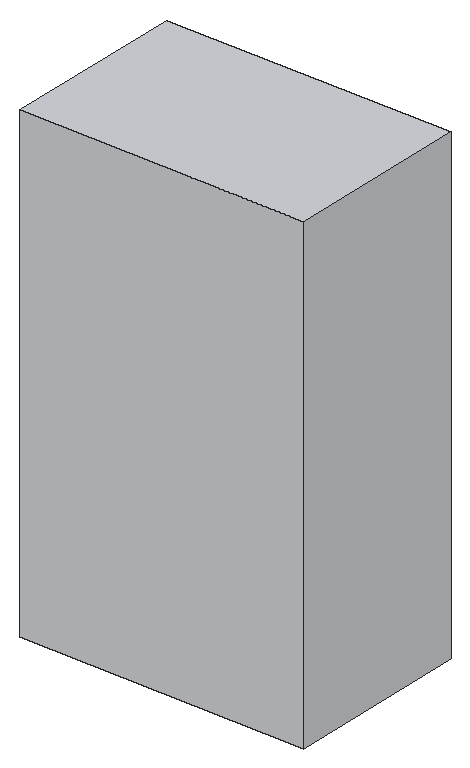
Revit family
Parameters
  Warranty Duration (Years) = 0
  Unit Width [instance] = 1' - 8 177/256"
  Unit Height [instance] = 0' - 9 99/256"
  Unit Depth = 0' - 0"
  URL = "http://www.americanspecialties.com/viewCategories.cfm"
  Test Data = ""
  Specification = "http://www.arcat.com/sdspecs/htm/10810asi.htm"
  SpecWizard = ""
  Send Message = "http://www.arcat.com/users.pl?action=UserEmail&company=American%20Specialties,%20Inc.&coid=30448&rep=139&fax=914-476-0688&mf="
  Sales Information = "http://www.americanspecialties.com/contact"
  Revision = "R1_10-2010"
  Product Properties = "http://www.americanspecialties.com/datasheets/74022-H.pdf"
  Product Data = "http://www.arcat.com/arcatcos/cos30/arc30448.html"
  Trim Material = Metal - Stainless Steel
  Model = "As Specified in 10 28 13"
  Manufacturer Website = "http://www.americanspecialties.com/viewCategories.cfm"
  Manufacturer Phone - Toll Free = ""
  Manufacturer Phone = "914-476-9000 "
  Manufacturer Fax = "914-476-0688"
  Manufacturer Address = "441 Saw Mill River Rd., Yonkers, NY 10701"
  Manufacturer = "American Specialties, Inc."
  Maintenance Schedule (Months) = 0
  Keynote = "10 28 13"
  Installation-Fabrication = "http://www.americanspecialties.com/products.cfm"
  Body Material = Metal - Stainless Steel
  Green Building-LEED = ""
  Expected Lifespan (Years) = 0
  Drawn By = "Robert S. Weygant. CSI, CDT, SCIP"  # constant formula
  Description = "Toilet Accessory as Specified in 10 28 13"
  Default Elevation = 4' - 0"
  Copyright = "©Arcat Inc."
  Construction Details = "http://www.arcat.com/green/clients/leed_data_30448.html"
  Building Codes = "http://www.americanspecialties.com/products.cfm"
  Assembly Code = "C1030210"
Reference planes (in)
  plane 1 "Center (Front/Back)": y = -0.22862
  plane 2 "Floor Line": z = 0
  plane 3: x = -6.97093
  plane 4: y = -6.54112
  plane 5: x = -0.65843
Forms (in)
  Extrusion 1, solid
    sketch origin (-3, -9, -6) x (0, 0, -1) y (1, 0, 0)
      loop
        line (-82, 26.34157) -> (-82, -19.34712) -> (-6, -19.34712) -> (-6, 26.34157) -> (-82, 26.34157)
    from 9 to -20.52341
  Extrusion 2, solid, material "Metal - Stainless Steel" <- "Body Material"
    sketch origin (0, 0, -2) x (1, 0, 0) y (0, 1, 0)
      loop
        line (-6.97093, -0.42371) -> (-6.97093, -6.34603)
        arc (-6.97093, -6.34603) -> (-6.91379, -6.48398) -> (-6.77584, -6.54112) r 0.19509
        line (-6.77584, -6.54112) -> (-0.85352, -6.54112)
        arc (-0.85352, -6.54112) -> (-0.71557, -6.48398) -> (-0.65843, -6.34603) r 0.19509
        line (-0.65843, -6.34603) -> (-0.65843, -0.42371)
        arc (-0.65843, -0.42371) -> (-0.71557, -0.28576) -> (-0.85352, -0.22862) r 0.19509
        line (-0.85352, -0.22862) -> (-6.77584, -0.22862)
        arc (-6.77584, -0.22862) -> (-6.91379, -0.28576) -> (-6.97093, -0.42371) r 0.19509
      loop
        arc (-6.04659, -0.97862) -> (-6.16987, -1.02968) -> (-6.22093, -1.15297) r 0.17435
        line (-6.22093, -1.15297) -> (-6.22093, -5.61677)
        arc (-6.22093, -5.61677) -> (-6.16987, -5.74005) -> (-6.04659, -5.79112) r 0.17435
        line (-6.04659, -5.79112) -> (-1.58278, -5.79112)
        arc (-1.58278, -5.79112) -> (-1.4595, -5.74005) -> (-1.40843, -5.61677) r 0.17435
        line (-1.40843, -5.61677) -> (-1.40843, -1.15297)
        arc (-1.40843, -1.15297) -> (-1.4595, -1.02968) -> (-1.58278, -0.97862) r 0.17435
        line (-1.58278, -0.97862) -> (-6.04659, -0.97862)
    from 2 to 2.125
  Extrusion 3, solid, material "Metal - Stainless Steel" <- "Body Material"
    sketch origin (-0.65843, -1.71875, -2) x (0, 1, 0) y (0, 0, 1)
      loop
        line (-1.16612, 3.9375) -> (-2.16612, 3.9375) -> (-2.16612, 2.125) -> (-1.16612, 2.125) -> (-1.16612, 3.9375)
    from -0.75 to -0.13825
  Extrusion 4, solid, material "Metal - Stainless Steel" <- "Body Material"
    sketch origin (-6.97093, -1.71875, -2) x (0, 1, 0) y (0, 0, -1)
      loop
        line (-1.16612, -3.9375) -> (-1.16612, -2.125) -> (-2.16612, -2.125) -> (-2.16612, -3.9375) -> (-1.16612, -3.9375)
    from -0.75 to -0.13825
  Extrusion 5, solid, material "Metal - Stainless Steel" <- "Body Material"
    sketch origin (-0.65843, -1.71875, -1.97999) x (0, 1, 0) y (0, 0, 1)
      loop
        circle (-1.6726, 3.22999) r 0.33333
    from -4 to -0.75
  Extrusion 6, solid, material "Metal - Stainless Steel" <- "Body Material"
    sketch origin (-0.65843, 0, 0) x (0, 1, 0) y (0, 0, 1)
      loop
        arc (-5.79112, 0) -> (-3.38487, -1.87683) -> (-0.97862, 0) r 2.48092
        line (-0.97862, 0) -> (-1.01085, 0)
        arc (-1.01085, 0) -> (-3.38487, -1.84558) -> (-5.75888, 0) r 2.44967
        line (-5.75888, 0) -> (-5.79112, 0)
    from -5.5625 to -0.75
  Extrusion 7, solid, material "Metal - Stainless Steel" <- "Body Material"
    sketch origin (-1.43968, 0, 0) x (0, 1, 0) y (0, 0, 1)
      loop
        arc (-5.79112, 0) -> (-3.38487, -1.87683) -> (-0.97862, 0) r 2.48092
        line (-0.97862, 0) -> (-5.79112, 0)
    from 0 to 0.03125
  Extrusion 8, solid, material "Metal - Stainless Steel" <- "Body Material"
    sketch origin (-6.22093, 0, 0) x (0, 1, 0) y (0, 0, 1)
      loop
        arc (-5.79112, 0) -> (-3.38487, -1.87683) -> (-0.97862, 0) r 2.48092
        line (-0.97862, 0) -> (-5.79112, 0)
    from 0 to 0.03125
  Extrusion 9, void
    sketch origin (0, 0, 0) x (1, 0, 0) y (0, 1, 0)
      loop
        line (-6.22093, -0.97862) -> (-6.22093, -5.79112) -> (-1.40843, -5.79112) -> (-1.40843, -0.97862) -> (-6.22093, -0.97862)
    from -2.1875 to 0
  Extrusion 10, solid, material "Metal - Stainless Steel" <- "Body Material"
    sketch origin (-0.65843, 0, 0) x (0, 1, 0) y (0, 0, 1)
      loop
        circle (-3.39135, 1.25) r 0.30208
    from -5.5625 to -4
  Extrusion 11, void
    sketch origin (0, 0, 0) x (1, 0, 0) y (0, 1, 0)
      loop
        circle (-5.68968, -3.38487) r 0.125
      loop
        circle (-1.93968, -3.38487) r 0.125
    from -1.87683 to -1.79907
  Extrusion 12, solid, material "Metal - Stainless Steel" <- "Body Material"
    sketch origin (-0.65843, -6.76973, 0) x (0, -1, 0) y (0, 0, -1)
      loop
        arc (-5.53634, 0.13257) -> (-5.47634, 0.15425) -> (-5.5044, 0.09696) r 0.03441
        line (-5.5044, 0.09696) -> (-5.5044, 0.06567)
        arc (-5.5044, 0.06567) -> (-5.45406, 0.17618) -> (-5.56759, 0.13306) r 0.06566
        line (-5.56759, 0.13306) -> (-5.56759, -1.36743)
        arc (-5.56759, -1.36743) -> (-5.08164, -2.70112) -> (-3.85161, -3.40957) r 2.07314
        arc (-3.85161, -3.40957) -> (-3.74704, -3.45126) -> (-3.7035, -3.55508) r 0.14553
        line (-3.7035, -3.55508) -> (-3.7035, -3.68008) -> (-3.67225, -3.68008) -> (-3.67225, -3.55508)
        arc (-3.67225, -3.55508) -> (-3.72402, -3.43008) -> (-3.84902, -3.3783) r 0.17678
        arc (-3.84902, -3.3783) -> (-5.05863, -2.67993) -> (-5.53634, -1.36743) r 2.04189
        line (-5.53634, -1.36743) -> (-5.53634, 0.13257)
    from -5.53125 to -0.78125
  Extrusion 13, solid, material "Metal - Stainless Steel" <- "Body Material"
    sketch origin (-0.65843, 0, 0) x (0, 1, 0) y (0, 0, 1)
      loop
        line (-4.32237, -2.1875) -> (-2.44737, -2.1875) -> (-2.44737, -2.0625) -> (-4.32237, -2.0625) -> (-4.32237, -2.1875)
      loop
        line (-3.38487, -1.87683) -> (-3.63487, -1.87683) -> (-3.63487, -2.0549) -> (-3.13487, -2.0549) -> (-3.13487, -1.87683) -> (-3.38487, -1.87683)
    from -5.28125 to -4.78125
  Extrusion 14, solid, material "Metal - Stainless Steel" <- "Body Material"
    sketch origin (-6.97093, 0, 0) x (0, 1, 0) y (0, 0, -1)
      loop
        line (-4.32237, 2.1875) -> (-4.32237, 2.0625) -> (-2.44737, 2.0625) -> (-2.44737, 2.1875) -> (-4.32237, 2.1875)
      loop
        line (-3.38487, 1.87683) -> (-3.13487, 1.87683) -> (-3.13487, 2.0549) -> (-3.63487, 2.0549) -> (-3.63487, 1.87683) -> (-3.38487, 1.87683)
    from -5.28125 to -4.78125
  Extrusion 15, solid, material "Metal - Stainless Steel" <- "Body Material"
    sketch origin (6.3125, 0, -2) x (1, 0, 0) y (0, 1, 0)
      loop
        line (-6.97093, -0.42371) -> (-6.97093, -6.34603)
        arc (-6.97093, -6.34603) -> (-6.91379, -6.48398) -> (-6.77584, -6.54112) r 0.19509
        line (-6.77584, -6.54112) -> (-0.85352, -6.54112)
        arc (-0.85352, -6.54112) -> (-0.71557, -6.48398) -> (-0.65843, -6.34603) r 0.19509
        line (-0.65843, -6.34603) -> (-0.65843, -0.42371)
        arc (-0.65843, -0.42371) -> (-0.71557, -0.28576) -> (-0.85352, -0.22862) r 0.19509
        line (-0.85352, -0.22862) -> (-6.77584, -0.22862)
        arc (-6.77584, -0.22862) -> (-6.91379, -0.28576) -> (-6.97093, -0.42371) r 0.19509
      loop
        arc (-6.04659, -0.97862) -> (-6.16987, -1.02968) -> (-6.22093, -1.15297) r 0.17435
        line (-6.22093, -1.15297) -> (-6.22093, -5.61677)
        arc (-6.22093, -5.61677) -> (-6.16987, -5.74005) -> (-6.04659, -5.79112) r 0.17435
        line (-6.04659, -5.79112) -> (-1.58278, -5.79112)
        arc (-1.58278, -5.79112) -> (-1.4595, -5.74005) -> (-1.40843, -5.61677) r 0.17435
        line (-1.40843, -5.61677) -> (-1.40843, -1.15297)
        arc (-1.40843, -1.15297) -> (-1.4595, -1.02968) -> (-1.58278, -0.97862) r 0.17435
        line (-1.58278, -0.97862) -> (-6.04659, -0.97862)
    from 2 to 2.125
  Extrusion 16, solid, material "Metal - Stainless Steel" <- "Body Material"
    sketch origin (5.65407, -1.71875, -2) x (0, 1, 0) y (0, 0, 1)
      loop
        line (-1.16612, 3.9375) -> (-2.16612, 3.9375) -> (-2.16612, 2.125) -> (-1.16612, 2.125) -> (-1.16612, 3.9375)
    from -0.75 to -0.13825
  Extrusion 17, solid, material "Metal - Stainless Steel" <- "Body Material"
    sketch origin (-0.65843, -1.71875, -2) x (0, 1, 0) y (0, 0, -1)
      loop
        line (-1.16612, -3.9375) -> (-1.16612, -2.125) -> (-2.16612, -2.125) -> (-2.16612, -3.9375) -> (-1.16612, -3.9375)
    from -0.75 to -0.13825
  Extrusion 18, solid, material "Metal - Stainless Steel" <- "Body Material"
    sketch origin (5.65407, -1.71875, -1.97999) x (0, 1, 0) y (0, 0, 1)
      loop
        circle (-1.6726, 3.22999) r 0.33333
    from -4 to -0.75
  Extrusion 19, void
    sketch origin (6.3125, 0, 0) x (1, 0, 0) y (0, 1, 0)
      loop
        line (-6.22093, -0.97862) -> (-6.22093, -5.79112) -> (-1.40843, -5.79112) -> (-1.40843, -0.97862) -> (-6.22093, -0.97862)
    from -2.1875 to 0
  Extrusion 20, solid, material "Metal - Stainless Steel" <- "Body Material"
    sketch origin (5.65407, 0, 0) x (0, 1, 0) y (0, 0, 1)
      loop
        circle (-3.39135, 1.25) r 0.30208
    from -5.5625 to -4
  Extrusion 21, solid, material "Metal - Stainless Steel" <- "Body Material"
    sketch origin (5.65407, -6.76973, 0) x (0, -1, 0) y (0, 0, -1)
      loop
        arc (-5.53634, 0.13257) -> (-5.47634, 0.15425) -> (-5.5044, 0.09696) r 0.03441
        line (-5.5044, 0.09696) -> (-5.5044, 0.06567)
        arc (-5.5044, 0.06567) -> (-5.45406, 0.17618) -> (-5.56759, 0.13306) r 0.06566
        line (-5.56759, 0.13306) -> (-5.56759, -1.36743)
        arc (-5.56759, -1.36743) -> (-5.08164, -2.70112) -> (-3.85161, -3.40957) r 2.07314
        arc (-3.85161, -3.40957) -> (-3.74704, -3.45126) -> (-3.7035, -3.55508) r 0.14553
        line (-3.7035, -3.55508) -> (-3.7035, -3.68008) -> (-3.67225, -3.68008) -> (-3.67225, -3.55508)
        arc (-3.67225, -3.55508) -> (-3.72402, -3.43008) -> (-3.84902, -3.3783) r 0.17678
        arc (-3.84902, -3.3783) -> (-5.05863, -2.67993) -> (-5.53634, -1.36743) r 2.04189
        line (-5.53634, -1.36743) -> (-5.53634, 0.13257)
    from -5.53125 to -0.78125
  Extrusion 22, solid, material "Metal - Stainless Steel" <- "Body Material"
    sketch origin (5.65407, 0, 0) x (0, 1, 0) y (0, 0, 1)
      loop
        arc (-5.79112, 0) -> (-3.38487, -1.87683) -> (-0.97862, 0) r 2.48092
        line (-0.97862, 0) -> (-1.01085, 0)
        arc (-1.01085, 0) -> (-3.38487, -1.84558) -> (-5.75888, 0) r 2.44967
        line (-5.75888, 0) -> (-5.79112, 0)
    from -5.5625 to -0.75
  Extrusion 23, solid, material "Metal - Stainless Steel" <- "Body Material"
    sketch origin (4.87282, 0, 0) x (0, 1, 0) y (0, 0, 1)
      loop
        arc (-5.79112, 0) -> (-3.38487, -1.87683) -> (-0.97862, 0) r 2.48092
        line (-0.97862, 0) -> (-5.79112, 0)
    from 0 to 0.03125
  Extrusion 24, solid, material "Metal - Stainless Steel" <- "Body Material"
    sketch origin (0.09157, 0, 0) x (0, 1, 0) y (0, 0, 1)
      loop
        arc (-5.79112, 0) -> (-3.38487, -1.87683) -> (-0.97862, 0) r 2.48092
        line (-0.97862, 0) -> (-5.79112, 0)
    from 0 to 0.03125
  Extrusion 25, void
    sketch origin (6.3125, 0, 0) x (1, 0, 0) y (0, 1, 0)
      loop
        line (-6.22093, -0.97862) -> (-6.22093, -5.79112) -> (-1.40843, -5.79112) -> (-1.40843, -0.97862) -> (-6.22093, -0.97862)
    from -2.1875 to 0
  Extrusion 26, void
    sketch origin (6.3125, 0, 0) x (1, 0, 0) y (0, 1, 0)
      loop
        circle (-5.68968, -3.38487) r 0.125
      loop
        circle (-1.93968, -3.38487) r 0.125
    from -1.87683 to -1.79907
  Extrusion 27, solid
    sketch origin (5.65407, 0, 0) x (0, 1, 0) y (0, 0, 1)
      loop
        line (-4.32237, -2.1875) -> (-2.44737, -2.1875) -> (-2.44737, -2.0625) -> (-4.32237, -2.0625) -> (-4.32237, -2.1875)
      loop
        line (-3.38487, -1.87683) -> (-3.63487, -1.87683) -> (-3.63487, -2.0549) -> (-3.13487, -2.0549) -> (-3.13487, -1.87683) -> (-3.38487, -1.87683)
    from -5.28125 to -4.78125
  Extrusion 28, solid
    sketch origin (-0.65843, 0, 0) x (0, 1, 0) y (0, 0, -1)
      loop
        line (-4.32237, 2.1875) -> (-4.32237, 2.0625) -> (-2.44737, 2.0625) -> (-2.44737, 2.1875) -> (-4.32237, 2.1875)
      loop
        line (-3.38487, 1.87683) -> (-3.13487, 1.87683) -> (-3.13487, 2.0549) -> (-3.63487, 2.0549) -> (-3.63487, 1.87683) -> (-3.38487, 1.87683)
    from -5.28125 to -4.78125
  Extrusion 29, void
    sketch origin (6.3125, 0, 0) x (1, 0, 0) y (0, 1, 0)
      loop
        line (-6.22093, -0.97862) -> (-6.22093, -5.79112) -> (-1.40843, -5.79112) -> (-1.40843, -0.97862) -> (-6.22093, -0.97862)
    from -2.1875 to 0
  Extrusion 30, solid, material "Metal - Stainless Steel" <- "Body Material"
    sketch origin (5.65407, 0, 0) x (0, 1, 0) y (0, 0, 1)
      loop
        line (-4.32237, -2.1875) -> (-2.44737, -2.1875) -> (-2.44737, -2.0625) -> (-4.32237, -2.0625) -> (-4.32237, -2.1875)
      loop
        line (-3.38487, -1.87683) -> (-3.63487, -1.87683) -> (-3.63487, -2.0549) -> (-3.13487, -2.0549) -> (-3.13487, -1.87683) -> (-3.38487, -1.87683)
    from -5.28125 to -4.78125
  Extrusion 31, solid, material "Metal - Stainless Steel" <- "Body Material"
    sketch origin (-0.65843, 0, 0) x (0, 1, 0) y (0, 0, -1)
      loop
        line (-4.32237, 2.1875) -> (-4.32237, 2.0625) -> (-2.44737, 2.0625) -> (-2.44737, 2.1875) -> (-4.32237, 2.1875)
      loop
        line (-3.38487, 1.87683) -> (-3.13487, 1.87683) -> (-3.13487, 2.0549) -> (-3.63487, 2.0549) -> (-3.63487, 1.87683) -> (-3.38487, 1.87683)
    from -5.28125 to -4.78125
Cuts and joins
  Extrusion 9, Extrusion 11, Extrusion 19, Extrusion 25, Extrusion 29 cuts Extrusion 2
  Extrusion 9 cuts Extrusion 3
  Extrusion 9 cuts Extrusion 4
  Extrusion 11 cuts Extrusion 5
  Extrusion 11, Extrusion 19, Extrusion 25, Extrusion 26, Extrusion 29 cuts Extrusion 6
  Extrusion 11 cuts Extrusion 10
  Extrusion 19, Extrusion 25, Extrusion 29 cuts Extrusion 7
  Extrusion 19, Extrusion 25, Extrusion 29 cuts Extrusion 8
  Extrusion 19, Extrusion 25, Extrusion 29 cuts Extrusion 12
  Extrusion 19, Extrusion 25, Extrusion 26, Extrusion 29 cuts Extrusion 13
  Extrusion 19, Extrusion 25, Extrusion 26, Extrusion 29 cuts Extrusion 14
  Extrusion 19 cuts Extrusion 15
  Extrusion 19 cuts Extrusion 21
  Extrusion 25 cuts Extrusion 27
  Extrusion 25 cuts Extrusion 28
  Extrusion 26 cuts Extrusion 22
Lines and regions (in)
  model lines
    curve 1: line (-0.65843, -4.32237, -2.1875) -> (-0.65843, -2.44737, -2.1875)
    curve 2: line (-0.65843, -4.32237, -2.1875) -> (-0.65843, -2.44737, -2.1875)
Dimensions and locks (in)
  aligned and locked: Extrusion 1 to level
  aligned and locked: Extrusion 6 to Extrusion 2
  aligned and locked: Extrusion 7 sketch curve to Extrusion 6
  aligned and locked: Extrusion 2 to Extrusion 7 sketch curve
  aligned and locked: Extrusion 9 sketch curve to Extrusion 8
  aligned and locked: Extrusion 9 sketch curve to Extrusion 2
  aligned and locked: Extrusion 6 to Extrusion 5
  aligned and locked: Extrusion 9 to Extrusion 13
  aligned and locked: Extrusion 19 sketch curve to Extrusion 15
  aligned and locked: Extrusion 23 sketch curve to Extrusion 22
  aligned and locked: Extrusion 25 sketch curve to Extrusion 24
  aligned and locked: Extrusion 25 to Extrusion 27
